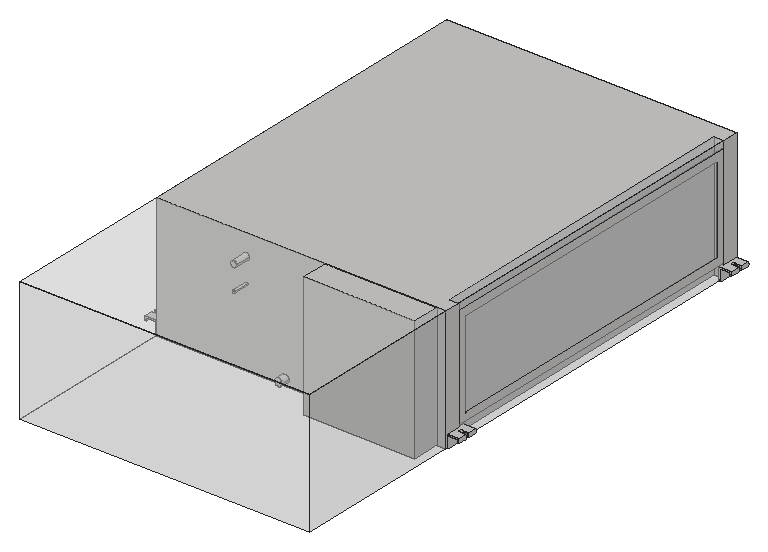
Revit family "outputfile", category 機械設備, Revit 2024
Family settings
  丸型コネクタ寸法 = 半径を使用
  パーツ タイプ = 標準
  OmniClass 番号 = 23.75.10.24.21.27.27
  OmniClass タイトル = Split System Air Conditioning Units
  作業面ベース = いいえ
  常に垂直 = はい
  ロード時にボイドで切り取り = いいえ
  注釈の向きを維持 = いいえ
  共有 = いいえ
  部屋計算ポイント = はい
Parameters (values of type "FXMQ250MFV7")
  Description = ""
  製造元 = "Daikin"
  書き出し IFC クラス(タイプ) = "IfcUnitaryEquipmentType"
  定義済み IFC タイプ(タイプ) = "AIRCONDITIONINGUNIT"
  Cost = 0
  モデル = "FXMQ250MFV7"
  Type Comments = ""
  Keynote = ""
  Type Image = (empty or 0)
  Assembly Code = ""
  w_dischargeflange = 1260.0 mm
  w_suctionflange = 1260.0 mm
  r_Liquid Pipe Size = Liquid Pipe Size / 2  # 4.75 mm
  r_Gas Pipe Size = Gas Pipe Size / 2  # 11.1 mm
  r_Drain Pipe Size = Drain Pipe Size / 2  # 13.8 mm
  lw_powersupply = 247.5 mm  # constant formula
  lw_mountinghole_pitch = 1148.0 mm  # constant formula
  lw_mountinghole = if(Depth = 744.0 mm, 29.5 mm, if(Depth = 1380.0 mm, 42.0 mm, 42.0 mm))  # 42.0 mm
  lw_liquidpipe = 760.0 mm  # constant formula
  lw_gaspipe = 760.0 mm  # constant formula
  lw_drainpipe = 613.0 mm  # constant formula
  lh_dischargeflange = 250.0 mm  # constant formula
  lh_powersupply = 20.0 mm  # constant formula
  lh_liquidpipe = 296.0 mm  # constant formula
  lh_gaspipe = 390.0 mm  # constant formula
  lh_drainpipe = 25.0 mm  # constant formula
  lh_suctionflange = 250.0 mm  # constant formula
  lh_antena = Height - lh_mountinghole + 1.0 mm  # 421.0 mm
  ld_dischargeflange = 690.0 mm
  ld_powersupply = 211.5 mm  # constant formula
  ld_mountinghole_pitch = if(Depth = 744.0 mm, 685.0 mm, if(Depth = 1380.0 mm, 1296.0 mm, 1296.0 mm))  # 1296.0 mm
  ld_suctionflange = 690.0 mm
  h_dischargeflange = 390.0 mm  # constant formula
  lh_mountinghole = 50.0 mm  # constant formula
  h_mountinghole = [h***] + lh_mountinghole  # 50.0 mm
  h_suctionflange = 390.0 mm  # constant formula
  h*** = 0.0 mm  # constant formula
  d_dischargeflange = 25.0 mm  # constant formula
  d_pipe = if(Depth = 744.0 mm, 61.0 mm, if(Depth = 1380.0 mm, 60.0 mm, 60.0 mm))  # 60.0 mm
  d_suctionflange = 25.0 mm  # constant formula
  Width = 1100.0 mm
  Voltage_comment_50Hz = "220-240"
  Voltage_50Hz = 230 V
  Version = "ver.1.0"
  Unit Type = "Outdoor Air Processing Unit"
  Unit Mass Weight = 123.00 kg
  Unit Designation [instance] = ""
  Uniclass2015Version = "Products v1.30"
  Uniclass2015Title = "Variable refrigerant flow units"
  Uniclass2015Code = "Pr_70_65_03_94"
  URL = ""
  Total Cooling Capacity [instance] = 0.000 kW
  Supply Air Direction [instance] = yes
  Sound Pressure Level_M speed (dBA) = 0
  Sound Pressure Level_L speed (dBA) = 0
  Sound Pressure Level_H speed (dBA) = 47
  Sound Power Level_H speed (dB) = 0
  Series = "VRV Fan Coil Unit"
  Sensible Cooling Capacity [instance] = 0.000 kW
  SA Duct Size Width = 1200.0 mm
  SA Duct Size Height = 330.0 mm
  Refrigerant Type = "R410A"
  Power Input (Cooling) = 0.638 kW
  Phase_50Hz = 1
  Option Accessory 3 [instance] = ""
  Option Accessory 2 [instance] = ""
  Option Accessory 1 [instance] = ""
  OA Duct Size Width = 1200.0 mm
  OA Duct Size Height = 330.0 mm
  Nominal Cooling Capacity = 28.000 kW
  Minimum External Static Pressure = 0.00 Pa
  Minimum Circuit Amps_50Hz = 3.8 A
  Minimum Airflow = 0.00 m³/h
  Median Airflow = 0.00 m³/h
  Maximum Fuse Amps_50Hz = 15.0 A
  Maximum External Static Pressure = 255.00 Pa
  Maximum Airflow = 2100.00 m³/h
  Material_Casing = DAIKIN_GalvanizedSteel_Casing_indoorunit
  Load Classification = HVAC
  Liquid Pipe Size = 9.5 mm
  Link_Nested Family [instance] = ""
  IfcVersion = "0"
  IfcExportType = "AIRCONDITIONINGUNIT"
  IfcExportAs = "IfcUnitaryEquipmentType"
  Height = 470.0 mm
  Heat Exchanger Type = "Cross Fin Coil"
  Gas Pipe Size = 22.2 mm
  Frequency_50Hz = 50 Hz
  Fan Type = "Sirocco Fan"
  Fan Drive = "Direct Drive"
  FCU Tag No. [instance] = ""
  Drain Pipe Size = 27.6 mm
  Design Supply Airflow [instance] = 0.00 m³/h
  Design Outdoor Airflow [instance] = 0.00 m³/h
  Design External Static Pressure [instance] = 0.00 Pa
  Depth = 1380.0 mm
  既定の高さ = 0.0 mm
  Cooling Entering Wet Bulb Temperature [instance] = 0.00 °C
  Cooling Entering Dry Bulb Temperature [instance] = 0.00 °C
  Cooling Ambient Wet Bulb Temperature [instance] = 0.00 °C
  Cooling Ambient Dry Bulb Temperature [instance] = 0.00 °C
  Clearance visibility [instance] = yes
  Clearance Top = 0.0 mm
  Clearance Right = 0.0 mm
  Clearance Rear = 0.0 mm
  Clearance Left = 0.0 mm
  Clearance Front = 650.0 mm
  Clearance Bottom = 0.0 mm
Reference planes
  plane 1 "Center (Front/Back)": y = 0
  plane 2: z = 0
  plane 3 "Center (Left/Right)": x = 0
  plane 4 "Back": y = 690
  plane 5 "Front": y = -690
  plane 6 "Left": x = -550
  plane 7 "Right": x = 550
  plane 8 "Top": z = 0
  plane 9 "Bottom": z = -470
  plane 10: y = 690
  plane 11: y = -1340
  plane 12: x = 550
  plane 13: x = -550
  plane 14: z = 0
  plane 15: z = -470
  plane 16: y = -792
  plane 17: y = -720
  plane 18: y = -750
  plane 19 "ld_drainpipe": x = -63
  plane 20 "ld_liquidpipe": x = -210
  plane 21 "ld_gaspipe": x = -210
  plane 22 "lh_gaspipe": z = -80
  plane 23 "lh_drainpipe": z = -445
  plane 24 "lh_liquidpipe": z = -174
  plane 25 "h_mountinghole": z = -420
  plane 26 "lh_powersuply": z = -450
  plane 27 "lh_suctionflange": z = -220
  plane 28 "ld_suctionflange": y = 0
  plane 29 "ld_dischargeflange": y = 0
  plane 30 "lh_dischargeflange": z = -220
  plane 31 "control box1": x = 514
  plane 32 "control box2": x = 91
  plane 33: y = -741
  plane 34 "lw_powersupply": x = 302.5
  plane 35: y = 648
  plane 36: y = -648
  plane 37: x = -574
  plane 38: x = 574
  plane 39 "w_suctionflange1": y = 630
  plane 40 "w_suctionflange2": y = -630
Forms (mm)
  Extrusion 1, solid, material "DAIKIN_GalvanizedSteel_Casing_indoorunit" <- "Material_Casing"
    sketch origin (0, 0, 0) x (1, 0, 0) y (0, 0, 1)
      loop
        line (-550, 0) -> (-550, -470) -> (550, -470) -> (550, 0) -> (-550, 0)
    from -690 to 690
  Extrusion 2, solid, material "DAIKIN_GalvanizedSteel_Casing_indoorunit" <- "Material_Casing"
    sketch origin (0, 0, 0) x (1, 0, 0) y (0, 0, 1)
      loop
        line (91, -470) -> (514, -470) -> (514, 0) -> (91, 0) -> (91, -470)
    from 690 to 792
  Extrusion 3, solid, material "DAIKIN_GalvanizedSteel_Casing_indoorunit" <- "Material_Casing"
    sketch origin (0, 0, 0) x (1, 0, 0) y (0, 0, 1)
      loop
        circle (-210, -174) r 4.75
      loop
        circle (-210, -80) r 11.1
    from 690 to 750
  Extrusion 4, solid, material "DAIKIN_GalvanizedSteel_Casing_indoorunit" <- "Material_Casing"
    sketch origin (63, 0, 0) x (1, 0, 0) y (0, 0, 1)
      loop
        circle (-126, -445) r 13.8
    from 690 to 720
  Extrusion 5, void
    sketch origin (0, 0, 0) x (0, 1, 0) y (0, 0, 1)
      loop
        line (-630, 545) -> (-630, -985) -> (630, -985) -> (630, 545) -> (-630, 545)
    from 514 to 550
Cuts and joins
  Extrusion 5 cuts Extrusion 1
Dimensions and locks
  "Height": plane 8 "Top" to plane 9 "Bottom"
  equal spacing: plane 6 "Left", plane 3 "Center (Left/Right)", plane 7 "Right"
  "Width": plane 6 "Left" to plane 7 "Right"
  equal spacing: plane 4 "Back", plane 1 "Center (Front/Back)", plane 5 "Front"
  "Depth": plane 4 "Back" to plane 5 "Front"
  "Clearance Left": plane 13 to plane 6 "Left"
  "Clearance Right": plane 7 "Right" to plane 12
  "Clearance Rear": plane 10 to plane 4 "Back"
  "Clearance Front": plane 5 "Front" to plane 11
  "Clearance Top": plane 14 to plane 8 "Top"
  "Clearance Bottom": plane 9 "Bottom" to plane 15
  locked: plane 5 "Front" to plane 16 at 102
  "d_pipe": plane 5 "Front" to plane 18
  "lw_drainpipe": plane 19 "ld_drainpipe" to plane 7 "Right"
  "lw_liquidpipe": plane 20 "ld_liquidpipe" to plane 7 "Right"
  "lw_gaspipe": plane 21 "ld_gaspipe" to plane 7 "Right"
  "lh_gaspipe": plane 22 "lh_gaspipe" to plane 9 "Bottom"
  "lh_liquidpipe": plane 24 "lh_liquidpipe" to plane 9 "Bottom"
  "lh_drainpipe": plane 23 "lh_drainpipe" to plane 9 "Bottom"
  "lh_mountinghole": plane 25 "h_mountinghole" to plane 9 "Bottom"
  "lh_powersupply": plane 26 "lh_powersuply" to plane 9 "Bottom"
  "lh_suctionflange": plane 27 "lh_suctionflange" to plane 9 "Bottom"
  "ld_suctionflange": plane 28 "ld_suctionflange" to plane 5 "Front"
  "ld_dischargeflange": plane 4 "Back" to plane 29 "ld_dischargeflange"
  "lh_dischargeflange": plane 30 "lh_dischargeflange" to plane 9 "Bottom"
  locked: plane 5 "Front" to plane 17 at 30
  locked: plane 32 "control box2" to plane 31 "control box1" at 423
  locked: plane 31 "control box1" to plane 7 "Right" at 36
  "lw_powersupply": plane 34 "lw_powersupply" to plane 7 "Right"
  equal spacing: plane 37, plane 3 "Center (Left/Right)", plane 38
  "lw_mountinghole_pitch": plane 37 to plane 38
  "lw_mountinghole": plane 36 to plane 5 "Front"
  "ld_mountinghole_pitch": plane 35 to plane 36
  equal spacing: plane 5 "Front", plane 33, plane 16, locked at 51 each
  equal spacing: plane 39 "w_suctionflange1", plane 29 "ld_dischargeflange", plane 40 "w_suctionflange2"
  "w_suctionflange": plane 39 "w_suctionflange1" to plane 40 "w_suctionflange2"
  "r_Liquid Pipe Size": radius of Extrusion 3 sketch curve
  "r_Gas Pipe Size": radius of Extrusion 3 sketch curve
  "r_Drain Pipe Size": radius of Extrusion 4 sketch curve
  aligned and locked: level to plane 2
  aligned and locked: Extrusion 1 sketch curve to plane 8 "Top"
  aligned and locked: Extrusion 1 sketch curve to plane 6 "Left"
  aligned and locked: plane 9 "Bottom" to Extrusion 1 sketch curve
  aligned and locked: Extrusion 1 sketch curve to plane 7 "Right"
  aligned and locked: plane 4 "Back" to Extrusion 1
  aligned and locked: Extrusion 1 to plane 5 "Front"
  aligned and locked: plane 10 to nested 1
  aligned and locked: plane 11 to nested 1
  aligned and locked: plane 12 to nested 1
  aligned and locked: nested 1 to plane 13
  aligned and locked: plane 15 to nested 1
  aligned and locked: plane 14 to nested 1
  aligned and locked: Extrusion 2 to plane 16
  aligned and locked: plane 5 "Front" to Extrusion 2
  aligned and locked: plane 24 "lh_liquidpipe" to Extrusion 3 sketch curve
  aligned and locked: plane 20 "ld_liquidpipe" to Extrusion 3 sketch curve
  aligned and locked: plane 21 "ld_gaspipe" to Extrusion 3 sketch curve
  aligned and locked: plane 22 "lh_gaspipe" to Extrusion 3 sketch curve
  aligned and locked: Extrusion 3 to plane 18
  aligned and locked: plane 5 "Front" to Extrusion 3
  aligned and locked: nested 2 to plane 5 "Front"
  aligned and locked: nested 2 to plane 19 "ld_drainpipe"
  aligned and locked: plane 23 "lh_drainpipe" to nested 2
  aligned and locked: nested 3 to plane 5 "Front"
  aligned and locked: nested 4 to plane 5 "Front"
  aligned and locked: plane 24 "lh_liquidpipe" to nested 3
  aligned and locked: plane 22 "lh_gaspipe" to nested 4
  aligned and locked: plane 25 "h_mountinghole" to nested 5
  aligned and locked: plane 25 "h_mountinghole" to nested 6
  aligned and locked: nested 7 to plane 25 "h_mountinghole"
  aligned and locked: nested 8 to plane 25 "h_mountinghole"
  aligned and locked: nested 13 to plane 26 "lh_powersuply"
  aligned and locked: plane 1 "Center (Front/Back)" to nested 14
  aligned and locked: nested 14 to plane 3 "Center (Left/Right)"
  aligned and locked: nested 15 to plane 29 "ld_dischargeflange"
  aligned and locked: nested 15 to plane 6 "Left"
  aligned and locked: plane 30 "lh_dischargeflange" to nested 15
  aligned and locked: nested 16 to plane 6 "Left"
  aligned and locked: nested 16 to plane 29 "ld_dischargeflange"
  aligned and locked: plane 28 "ld_suctionflange" to nested 17
  aligned and locked: nested 17 to plane 27 "lh_suctionflange"
  aligned and locked: nested 16 to plane 30 "lh_dischargeflange"
  aligned and locked: nested 3 to plane 20 "ld_liquidpipe"
  aligned and locked: nested 4 to plane 21 "ld_gaspipe"
  aligned and locked: Extrusion 2 sketch curve to plane 31 "control box1"
  aligned and locked: Extrusion 2 sketch curve to plane 32 "control box2"
  aligned and locked: Extrusion 2 sketch curve to plane 14
  aligned and locked: Extrusion 2 sketch curve to plane 15
  aligned and locked: plane 19 "ld_drainpipe" to Extrusion 4 sketch curve
  aligned and locked: plane 23 "lh_drainpipe" to Extrusion 4 sketch curve
  aligned and locked: Extrusion 4 to plane 17
  aligned and locked: nested 13 to plane 34 "lw_powersupply"
  aligned and locked: plane 33 to nested 13
  aligned and locked: nested 5 to plane 35
  aligned and locked: plane 35 to nested 7
  aligned and locked: nested 6 to plane 36
  aligned and locked: plane 36 to nested 8
  aligned and locked: nested 18 to plane 1 "Center (Front/Back)"
  aligned and locked: plane 27 "lh_suctionflange" to nested 18
  aligned and locked: Extrusion 5 sketch curve to plane 39 "w_suctionflange1"
  aligned and locked: Extrusion 5 sketch curve to plane 40 "w_suctionflange2"
  aligned and locked: plane 7 "Right" to Extrusion 5
  aligned and locked: plane 7 "Right" to nested 18
  aligned and locked: plane 3 "Center (Left/Right)" to nested 17
  aligned and locked: nested 11 to plane 37
  aligned and locked: nested 12 to plane 38
  aligned and locked: nested 10 to plane 37
  aligned and locked: nested 9 to plane 38
  aligned and locked: nested 5 to plane 6 "Left"
  aligned and locked: nested 7 to plane 7 "Right"
  aligned and locked: nested 8 to plane 7 "Right"
  aligned and locked: nested 9 to plane 36
  aligned and locked: nested 10 to plane 36
  aligned and locked: nested 12 to plane 35
  aligned and locked: nested 11 to plane 35
  aligned and locked: Extrusion 5 to Extrusion 2
  aligned and locked: plane 5 "Front" to Extrusion 4
Automatic sketch dimensions
  level to Extrusion 5 sketch curve = 545.0 mm
  Extrusion 5 sketch curve to plane 9 "Bottom" = 515.0 mm
Nested families
  nested 1: "daikin_clearancespace" at (0, -325, -234.881), visible <- "Clearance visibility", show <- "Clearance visibility", Link_Nested Family <- "Link_Nested Family", type "daikin_clearancespace"
    with width 1100.0 mm, show yes, height 470.0 mm, depth 2030.0 mm, Link_Nested Family ""
  nested 2: "daikin_connector_rotate2" at (-63, -690, -445), radius <- "r_Drain Pipe Size", type "daikin_connector_rotate2"
    with radius 13.8 mm, length 30.0 mm, angle_vertical 90.00°, show_face no
  nested 3: "daikin_connector_rotate2" at (-210, -690, -174), length <- "d_pipe", radius <- "r_Liquid Pipe Size", type "daikin_connector_rotate2"
    with radius 4.75 mm, length 60.0 mm, angle_vertical 90.00°, show_face no
  nested 4: "daikin_connector_rotate2" at (-210, -690, -80), length <- "d_pipe", radius <- "r_Gas Pipe Size", type "daikin_connector_rotate2"
    with radius 11.1 mm, length 60.0 mm, angle_vertical 90.00°, show_face no
  nested 5: "daikin_hangerfixture_FXMQ-MFV7" at (-550, 648, -420) x (0, -1, 0) z (0, 0, 1), type "daikin_hangerfixture_FXMQ-MFV7"
    with width 80.0 mm, D 1380.0 mm
  nested 6: "daikin_hangerfixture_FXMQ-MFV7" at (-550, -648, -420) x (0, -1, 0) z (0, 0, 1), type "daikin_hangerfixture_FXMQ-MFV7"
    with width 80.0 mm, D 1380.0 mm
  nested 7: "daikin_hangerfixture_FXMQ-MFV7" at (550, 648, -420) x (0, -1, 0) z (0, 0, 1), type "daikin_hangerfixture_FXMQ-MFV7"
    with width 80.0 mm, D 1380.0 mm
  nested 8: "daikin_hangerfixture_FXMQ-MFV7" at (550, -648, -420) x (0, -1, 0) z (0, 0, 1), type "daikin_hangerfixture_FXMQ-MFV7"
    with width 80.0 mm, D 1380.0 mm
  nested 9: "daikin_mountinghole" at (574, -648, -470), Link_Nested Family <- "Link_Nested Family", l_antenna <- "lh_antena", h_mountinghole <- "h_mountinghole", type "daikin_mountinghole"
    with show yes, l_antenna 421.0 mm, h_mountinghole 50.0 mm, Link_Nested Family ""
  nested 10: "daikin_mountinghole" at (-574, -648, -470), Link_Nested Family <- "Link_Nested Family", l_antenna <- "lh_antena", h_mountinghole <- "h_mountinghole", type "daikin_mountinghole"
    with show yes, l_antenna 421.0 mm, h_mountinghole 50.0 mm, Link_Nested Family ""
  nested 11: "daikin_mountinghole" at (-574, 648, -470), Link_Nested Family <- "Link_Nested Family", l_antenna <- "lh_antena", h_mountinghole <- "h_mountinghole", type "daikin_mountinghole"
    with show yes, l_antenna 421.0 mm, h_mountinghole 50.0 mm, Link_Nested Family ""
  nested 12: "daikin_mountinghole" at (574, 648, -470), Link_Nested Family <- "Link_Nested Family", l_antenna <- "lh_antena", h_mountinghole <- "h_mountinghole", type "daikin_mountinghole"
    with show yes, l_antenna 421.0 mm, h_mountinghole 50.0 mm, Link_Nested Family ""
  nested 13: "daikin_connector_rotate2" at (302.5, -741, -450) x (0, 1, 0) z (0, 0, 1), length <- "ld_powersupply", type "daikin_connector_rotate2"
    with radius 10.0 mm, length 211.5 mm, angle_vertical 90.00°, show_face no
  nested 14: "daikin_△_symbolicline" at (0, 0, 470) x (0, -1, 0) z (0, 0, 1), visible <- "Supply Air Direction", built-in parameter 1001364 <- "Height", type "daikin_△_symbolicline"
    with length 300.0 mm
  nested 15: "daikin_ductflange_FXMQ-MFV7_1" at (-550, 0, -415) x (0, -1, 0) z (0, 0, 1), material <- "Material_Casing", depth <- "d_dischargeflange", height <- "h_dischargeflange", width <- "w_dischargeflange", type "daikin_ductflange_FXMQ-MFV7_1"
    with width 1260.0 mm, top1 30.0 mm, right1 30.0 mm, material DAIKIN_GalvanizedSteel_Casing_indoorunit, left1 30.0 mm, height 390.0 mm, depth 25.0 mm, Bottom1 30.0 mm
  nested 16: "daikin_connector_rotate2" at (-550, 0, -220) x (0, -1, 0) z (0, 0, 1), length <- "d_dischargeflange", type "daikin_connector_rotate2"
    with radius 10.0 mm, length 25.0 mm, angle_vertical 90.00°, show_face no
  nested 17: "daikin_connector_rotate2" at (0, 0, -220) x (0, 1, 0) z (0, 0, 1), type "daikin_connector_rotate2"
    with radius 10.0 mm, length 550.0 mm, angle_vertical 90.00°, show_face no
  nested 18: "daikin_ductflange_FXMQ-MFV7_2" at (549, 0, -415) x (0, 1, 0) z (0, 0, 1), width <- "w_suctionflange", height <- "h_suctionflange", type "daikin_ductflange_FXMQ-MFV7_2"
    with width 1260.0 mm, height 390.0 mm, depth 1.0 mm
Connectors
  piping at (-210, -750, -174), diameter 9.5, driven by "r_Liquid Pipe Size"
    settings: on nested 3, index 2, connector inside diameter 609.6 mm, connector length 0.0 mm, flow factor 0, pipe flow 0.00 m³/h, pressure drop 0.0 Pa, fitting loss kfactor 0, connector angle 0.00°, fixture units 0, engagement length 0.0 mm, angle of deflection 0.00°, flow configuration 1, flow direction 1, fitting loss method 0, system type 29, joint type 0, gender type 0, connector reference index -1, connector utility 0, adjustable connector no, is connector primary yes, connector description "Refrigerant Liquid Piping"
  piping at (-210, -750, -80), diameter 22.2, driven by "r_Gas Pipe Size"
    settings: on nested 4, index 3, connector inside diameter 609.6 mm, connector length 0.0 mm, flow factor 0, pipe flow 0.00 m³/h, pressure drop 0.0 Pa, fitting loss kfactor 0, connector angle 0.00°, fixture units 0, engagement length 0.0 mm, angle of deflection 0.00°, flow configuration 1, flow direction 2, fitting loss method 0, system type 29, joint type 0, gender type 0, connector reference index -1, connector utility 0, adjustable connector no, is connector primary no, connector description "Refrigerant Gas Piping"
  electrical at (514, -741, -450), driven by "Load Classification"
    settings: on nested 13, index 4, voltage 0 V, apparent load 0 VA, apparent load phase1 0 VA, apparent load phase2 0 VA, apparent load phase3 0 VA, power factor 1, load classification "HVAC", number of poles 1, system type 30, power factor state 1, is connector primary yes, connector utility no, sub classification motor no, connector description "Power Supply"
  hvac at (-575, 0, -220), driven by "SA Duct Size Height", driven by "SA Duct Size Width"
    settings: on nested 15, index 6, duct flow 0.00 m³/h, flow factor 0, pres drop 0.00 Pa, loss coef 0, conn angle 0.00°, conn width 1200.0 mm, conn height 330.0 mm, conn diameter 609.6 mm, duct sys type 1, conn prof type 1, flow config 0, flow direction 2, loss method 4, conn ref index -1, conn util no, is conn primary yes, conn desc "SA Duct"
  piping at (-63, -720, -445), diameter 27.6, driven by "r_Drain Pipe Size"
    settings: on Extrusion 4, index 7, connector inside diameter 609.6 mm, connector length 0.0 mm, flow factor 0, pipe flow 0.00 m³/h, pressure drop 0.0 Pa, fitting loss kfactor 0, connector angle 0.00°, fixture units 0, engagement length 0.0 mm, angle of deflection 0.00°, flow configuration 1, flow direction 2, fitting loss method 4, system type 16, joint type 0, gender type 0, connector reference index -1, connector utility 0, adjustable connector no, is connector primary no, connector description "Condensate Drain Piping"
  hvac at (550, 0, -220), driven by "OA Duct Size Height", driven by "OA Duct Size Width"
    settings: on nested 18, index 8, duct flow 0.00 m³/h, flow factor 0, pres drop 0.00 Pa, loss coef 0, conn angle 0.00°, conn width 1200.0 mm, conn height 330.0 mm, conn diameter 609.6 mm, duct sys type 1, conn prof type 1, flow config 0, flow direction 1, loss method 4, conn ref index -1, conn util no, is conn primary no, conn desc "OA Duct"
Definition of nested family "daikin_clearancespace"
  Parameters (values of type "daikin_clearancespace")
    width [instance] = 1823.963 mm
    show [instance] = yes
    material = none
    height [instance] = 1359.762 mm
    depth [instance] = 880.0 mm
    Default Elevation = 0.0 mm
    Link_Nested Family [instance] = ""
  Reference planes
    plane 1 "Center (Front/Back)": y = 0
    plane 2 "Center (Elevation)": z = -0.119
    plane 3 "Center (Left/Right)": x = 0
    plane 4: y = 440
    plane 5: y = -440
    plane 6 "Right": x = 911.982
    plane 7 "Left": x = -911.982
    plane 8 "Top": z = 679.762
    plane 9 "Bottom": z = -680
  Forms (mm)
    Extrusion 1, solid, material <- "material", visible <- "show"
      sketch origin (0, 0, 0) x (1, 0, 0) y (0, 1, 0)
        loop
          line (-911.982, 440) -> (-911.982, -440) -> (911.982, -440) -> (911.982, 440) -> (-911.982, 440)
      from -680 to 679.762
  Lines and regions (mm)
    symbolic lines, visible <- "show"
      curve 1: line (911.982, 440, 0) -> (-911.982, 440, 0)
      curve 2: line (-911.982, 440, 0) -> (-911.982, -440, 0)
      curve 3: line (-911.982, -440, 0) -> (911.982, -440, 0)
      curve 4: line (911.982, -440, 0) -> (911.982, 440, 0)
      curve 5: line (911.982, 0, 679.762) -> (-911.982, 0, 679.762)
      curve 6: line (911.982, 0, -680) -> (911.982, 0, 679.762)
      curve 7: line (-911.982, 0, -680) -> (911.982, 0, -680)
      curve 8: line (-911.982, 0, 679.762) -> (-911.982, 0, -680)
      curve 9: line (0, 440, 679.762) -> (0, -440, 679.762)
      curve 10: line (0, -440, 679.762) -> (0, -440, -680)
      curve 11: line (0, 440, -680) -> (0, 440, 679.762)
      curve 12: line (0, -440, -680) -> (0, 440, -680)
  Dimensions and locks
    "width": plane 7 "Left" to plane 6 "Right"
    "depth": plane 4 to plane 5
    "height": plane 8 "Top" to plane 9 "Bottom"
    equal spacing: plane 7 "Left", plane 3 "Center (Left/Right)", plane 6 "Right"
    equal spacing: plane 4, plane 1 "Center (Front/Back)", plane 5
    equal spacing: plane 8 "Top", plane 2 "Center (Elevation)", plane 9 "Bottom"
    aligned and locked: level to plane 2 "Center (Elevation)"
    aligned and locked: Extrusion 1 sketch curve to plane 4
    aligned and locked: plane 7 "Left" to Extrusion 1 sketch curve
    aligned and locked: Extrusion 1 sketch curve to plane 5
    aligned and locked: Extrusion 1 sketch curve to plane 6 "Right"
    aligned and locked: plane 8 "Top" to Extrusion 1
    aligned and locked: curve 1 to Extrusion 1
    aligned and locked: curve 2 to Extrusion 1
    aligned and locked: curve 3 to Extrusion 1
    aligned and locked: curve 4 to Extrusion 1
    aligned and locked: curve 5 to Extrusion 1
    aligned and locked: curve 6 to Extrusion 1
    aligned and locked: curve 7 to Extrusion 1
    aligned and locked: curve 8 to Extrusion 1
    aligned and locked: curve 9 to Extrusion 1
    aligned and locked: curve 10 to Extrusion 1
    aligned and locked: curve 11 to Extrusion 1
    aligned and locked: curve 12 to Extrusion 1
    aligned and locked: Extrusion 1 to plane 9 "Bottom"
Definition of nested family "daikin_hangerfixture_FXMQ-MFV7"
  Parameters (values of type "daikin_hangerfixture_CeilingMountedDuct")
    width = if(D = 744.0 mm, 55.0 mm, if(D = 1380.0 mm, 80.0 mm, 80.0 mm))  # 55.0 mm
    material = none
    height = 50.0 mm
    depth = 47.0 mm
    Default Elevation = 0.0 mm
    D = 744.0 mm
  Reference planes
    plane 1 "Center (Front/Back)": y = 0
    plane 2: z = 0
    plane 3 "Center (Left/Right)": x = 0
    plane 4: y = 417.146
    plane 5: y = -47
    plane 6: x = -27.5
    plane 7: x = 27.5
    plane 8: z = -5
    plane 9: z = -50
    plane 10: y = -5
    plane 11: y = -42
    plane 12: y = -24
    plane 13: z = -15
  Forms (mm)
    Extrusion 1, solid, material <- "material"
      sketch origin (0, 0, 0) x (1, 0, 0) y (0, 1, 0)
        loop
          line (27.5, 0) -> (-27.5, 0) -> (-27.5, -47) -> (-7, -47) -> (-7, -24)
          arc (-7, -24) -> (0, -17) -> (7, -24) r 7
          line (7, -24) -> (7, -47) -> (27.5, -47) -> (27.5, 0)
      from 0 to -5
    Extrusion 2, solid, material <- "material"
      sketch origin (0, 0, 0) x (1, 0, 0) y (0, 0, 1)
        loop
          line (27.5, -40) -> (27.5, 0) -> (-27.5, 0) -> (-27.5, -40)
          arc (-27.5, -40) -> (-24.571, -47.071) -> (-17.5, -50) r 10
          line (-17.5, -50) -> (17.5, -50)
          arc (17.5, -50) -> (24.571, -47.071) -> (27.5, -40) r 10
      from 0 to 5
    Extrusion 3, solid, material <- "material"
      sketch origin (0, 0, 0) x (1, 0, 0) y (0, 0, 1)
        loop
          line (-7, -12) -> (-7, 0) -> (-27.5, 0) -> (-27.5, -12)
          arc (-27.5, -12) -> (-26.621, -14.121) -> (-24.5, -15) r 3
          line (-24.5, -15) -> (-10, -15)
          arc (-10, -15) -> (-7.879, -14.121) -> (-7, -12) r 3
        loop
          line (7, 0) -> (7, -12)
          arc (7, -12) -> (7.879, -14.121) -> (10, -15) r 3
          line (10, -15) -> (24.5, -15)
          arc (24.5, -15) -> (26.621, -14.121) -> (27.5, -12) r 3
          line (27.5, -12) -> (27.5, 0) -> (7, 0)
      from 42 to 47
  Cuts and joins
    joined: Extrusion 1, Extrusion 2, Extrusion 3
  Dimensions and locks
    "width": plane 6 to plane 7
    "depth": plane 5 to plane 1 "Center (Front/Back)"
    locked: plane 2 to plane 8 at 5
    "height": plane 2 to plane 9
    locked: plane 10 to plane 1 "Center (Front/Back)" at 5
    locked: plane 11 to plane 5 at 5
    locked: plane 2 to plane 13 at 15
    equal spacing: plane 6, plane 3 "Center (Left/Right)", plane 7
    plane 12 to plane 1 "Center (Front/Back)" = 24.0 mm
    aligned and locked: level to plane 2
    aligned and locked: Extrusion 1 sketch curve to plane 1 "Center (Front/Back)"
    aligned and locked: plane 7 to Extrusion 1
    aligned and locked: Extrusion 1 to plane 6
    aligned and locked: Extrusion 1 to plane 5  (x2)
    aligned and locked: Extrusion 1 to plane 8
    aligned and locked: plane 2 to Extrusion 1
    aligned and locked: plane 2 to Extrusion 2 sketch curve
    aligned and locked: Extrusion 2 to plane 10
    aligned and locked: Extrusion 2 to plane 1 "Center (Front/Back)"
    aligned and locked: plane 2 to Extrusion 3 sketch curve  (x2)
    aligned and locked: plane 11 to Extrusion 3
    aligned and locked: Extrusion 3 to plane 5
    aligned and locked: plane 9 to Extrusion 2 sketch curve
    aligned and locked: cut or joined group of Extrusion 1, Extrusion 2, Extrusion 3 to plane 13  (x2)
    aligned and locked: plane 3 "Center (Left/Right)" to Extrusion 1 sketch curve
    aligned and locked: cut or joined group of Extrusion 1, Extrusion 2, Extrusion 3 to cut or joined group of Extrusion 1, Extrusion 2, Extrusion 3  (x2)
  Automatic sketch dimensions
    Extrusion 1 sketch curve to plane 6 = 0.0 mm
    Extrusion 1 sketch curve to plane 5 = 0.0 mm  (x2)
    Extrusion 1 sketch curve to plane 7 = 0.0 mm
    Extrusion 1 sketch curve to plane 3 "Center (Left/Right)" = 7.0 mm
    Extrusion 2 sketch curve to plane 7 = 0.0 mm
    Extrusion 2 sketch curve to plane 7 = 10.0 mm
    plane 6 to Extrusion 2 sketch curve = 10.0 mm
    Extrusion 2 sketch curve to plane 6 = 0.0 mm
    Extrusion 3 sketch curve to plane 6 = 0.0 mm
    Extrusion 3 sketch curve to plane 7 = 0.0 mm
    Extrusion 3 sketch curve to Extrusion 3 sketch curve = 3.0 mm  (x3)
    Extrusion 3 sketch curve to plane 8 = 7.0 mm
    Extrusion 3 sketch curve to plane 3 "Center (Left/Right)" = 7.0 mm
    plane 3 "Center (Left/Right)" to Extrusion 3 sketch curve = 7.0 mm
    Extrusion 3 sketch curve to plane 7 = 3.0 mm
    Extrusion 3 sketch curve to plane 8 = 10.0 mm
    Extrusion 1 sketch curve to plane 12 = 0.0 mm
Definition of nested family "daikin_ductflange_FXMQ-MFV7_1"
  Parameters (values of type "daikin_ductflange_FXMQ-MFV1")
    width [instance] = 670.0 mm
    right1 [instance] = 22.5 mm
    left1 [instance] = 22.5 mm
    Bottom1 [instance] = 25.0 mm
    material [instance] = none
    height [instance] = 272.0 mm
    depth [instance] = 25.0 mm
    top1 [instance] = 25.0 mm
    Default Elevation = 0.0 mm
  Reference planes
    plane 1 "Center (Front/Back)": y = 0
    plane 2: z = 0
    plane 3 "Center (Left/Right)": x = 0
    plane 4: y = -25
    plane 5: x = -335
    plane 6: x = 335
    plane 7 "Top": z = 272
    plane 8: y = -1
    plane 9: x = -312.5
    plane 10: x = 312.5
    plane 11: z = 247
    plane 12: z = 25
    plane 13 "Center (Elevation)": z = 136
  Forms (mm)
    Extrusion 1, solid, material <- "material"
      sketch origin (0, 0, 0) x (1, 0, 0) y (0, 0, 1)
        loop
          line (-335, 272) -> (-335, 0) -> (335, 0) -> (335, 272) -> (-335, 272)
        loop
          line (-312.5, 247) -> (-312.5, 25) -> (312.5, 25) -> (312.5, 247) -> (-312.5, 247)
      from 0 to 1
    Extrusion 2, solid, material <- "material"
      sketch origin (0, 0, 0) x (1, 0, 0) y (0, 1, 0)
        loop
          line (-312.5, -1) -> (-317.5, -1) -> (-317.5, -25) -> (-312.5, -25) -> (-312.5, -1)
        loop
          line (312.5, -1) -> (312.5, -25) -> (317.5, -25) -> (317.5, -1) -> (312.5, -1)
      from 0 to 272
    Extrusion 3, solid, material <- "material"
      sketch origin (0, 0, 0) x (0, 1, 0) y (0, 0, 1)
        loop
          line (-1, 247) -> (-1, 252) -> (-25, 252) -> (-25, 247) -> (-1, 247)
        loop
          line (-1, 25) -> (-25, 25) -> (-25, 20) -> (-1, 20) -> (-1, 25)
      from -312.5 to 312.5
  Cuts and joins
    joined: Extrusion 1, Extrusion 2, Extrusion 3
  Dimensions and locks
    "height": plane 7 "Top" to plane 2
    "width": plane 5 to plane 6
    equal spacing: plane 5, plane 3 "Center (Left/Right)", plane 6
    "depth": plane 1 "Center (Front/Back)" to plane 4
    locked: plane 8 to plane 1 "Center (Front/Back)" at 1
    "left1": plane 5 to plane 9
    "right1": plane 10 to plane 6
    locked: Extrusion 2 sketch curve to Extrusion 2 sketch curve at 5  (x2)
    "top1": plane 7 "Top" to plane 11
    "Bottom1": plane 12 to plane 2
    equal spacing: plane 7 "Top", plane 13 "Center (Elevation)", plane 2
    locked: Extrusion 3 sketch curve to cut or joined group of Extrusion 1, Extrusion 2, Extrusion 3 at 5
    locked: Extrusion 3 sketch curve to Extrusion 3 sketch curve at 5
    aligned and locked: level to plane 2
    aligned and locked: Extrusion 1 sketch curve to plane 7 "Top"
    aligned and locked: plane 5 to Extrusion 1 sketch curve
    aligned and locked: Extrusion 1 sketch curve to plane 6
    aligned and locked: plane 2 to Extrusion 1 sketch curve
    aligned and locked: Extrusion 1 to plane 8
    aligned and locked: Extrusion 2 sketch curve to plane 8
    aligned and locked: Extrusion 2 sketch curve to plane 9
    aligned and locked: plane 8 to Extrusion 2 sketch curve
    aligned and locked: Extrusion 2 sketch curve to plane 10
    aligned and locked: plane 8 to Extrusion 3 sketch curve
    aligned and locked: Extrusion 3 sketch curve to plane 8
    aligned and locked: plane 4 to Extrusion 2 sketch curve
    aligned and locked: Extrusion 2 sketch curve to plane 4
    aligned and locked: plane 4 to Extrusion 3 sketch curve
    aligned and locked: Extrusion 3 sketch curve to plane 4
    aligned and locked: plane 9 to Extrusion 1 sketch curve
    aligned and locked: Extrusion 1 sketch curve to plane 10
    aligned and locked: plane 12 to Extrusion 1 sketch curve
    aligned and locked: Extrusion 1 sketch curve to plane 11
    aligned and locked: plane 10 to cut or joined group of Extrusion 1, Extrusion 2, Extrusion 3
    aligned and locked: cut or joined group of Extrusion 1, Extrusion 2, Extrusion 3 to plane 9
    aligned and locked: plane 7 "Top" to cut or joined group of Extrusion 1, Extrusion 2, Extrusion 3
    aligned and locked: cut or joined group of Extrusion 1, Extrusion 2, Extrusion 3 to plane 2
  Automatic sketch dimensions
    Extrusion 3 sketch curve to plane 11 = 0.0 mm
    Extrusion 3 sketch curve to plane 12 = 0.0 mm
Definition of nested family "daikin_ductflange_FXMQ-MFV7_2"
  Parameters (values of type "daikin_ductflange_FXDSQ-AVM2")
    width [instance] = 624.0 mm
    material = none
    height [instance] = 390.0 mm
    depth [instance] = 1.0 mm
    Default Elevation = 0.0 mm
  Reference planes
    plane 1 "Center (Front/Back)": y = 0
    plane 2: z = 0
    plane 3 "Center (Left/Right)": x = 0
    plane 4: x = -312
    plane 5: x = 312
    plane 6 "Top": z = 390
    plane 7: y = -1
    plane 8: z = 360
    plane 9: z = 30
    plane 10 "Center (Elevation)": z = 195
    plane 11: x = -282
    plane 12: x = 282
  Forms (mm)
    Extrusion 1, solid, material <- "material"
      sketch origin (0, 0, 0) x (1, 0, 0) y (0, 0, 1)
        loop
          line (-312, 390) -> (-312, 0) -> (312, 0) -> (312, 390) -> (-312, 390)
        loop
          line (-282, 360) -> (-282, 30) -> (282, 30) -> (282, 360) -> (-282, 360)
      from 0 to 1
  Dimensions and locks
    "height": plane 6 "Top" to plane 2
    "width": plane 4 to plane 5
    equal spacing: plane 4, plane 3 "Center (Left/Right)", plane 5
    Extrusion 1 sketch curve to Extrusion 1 sketch curve = 30.0 mm  (x4)
    "depth": plane 7 to plane 1 "Center (Front/Back)"
    locked: plane 6 "Top" to plane 8 at 30
    locked: plane 9 to plane 2 at 30
    equal spacing: plane 6 "Top", plane 10 "Center (Elevation)", plane 2
    locked: plane 11 to plane 4 at 30
    plane 5 to plane 12 = 30.0 mm
    aligned and locked: level to plane 2
    aligned and locked: Extrusion 1 sketch curve to plane 6 "Top"
    aligned and locked: plane 4 to Extrusion 1 sketch curve
    aligned and locked: Extrusion 1 sketch curve to plane 5
    aligned and locked: plane 2 to Extrusion 1 sketch curve
    aligned and locked: plane 11 to Extrusion 1  (x2)
    aligned and locked: Extrusion 1 to plane 12  (x2)
    aligned and locked: Extrusion 1 to plane 8
    aligned and locked: plane 9 to Extrusion 1
Definition of nested family "daikin_connector_rotate2"
  Parameters (values of type "daikin_connector_rotate2")
    show_face = yes
    radius [instance] = 10.0 mm
    length [instance] = 600.0 mm
    d_surface = 10.0 mm
    angle_vertical [instance] = 90.00°
    Default Elevation = 0.0 mm
  Reference planes
    plane 1 "Center (Front/Back)": y = 0
    plane 2: z = 0
    plane 3 "Center (Left/Right)": x = 0
  Forms (mm)
    Extrusion 1, solid, visible <- "show_face"
      sketch origin (0, -600, 0) x (1, 0, 0) y (0, 0, 1)
        loop
          circle (0, 0) r 10
      from 0 to -10
  Lines and regions (mm)
    reference lines
      curve 1: line (0, 0, 0) -> (0, -600, 0)
    symbolic lines
      curve 2: circle (0, 0, 0) r 5 normal (0, 0, 1)
    model lines, visible <- "show_face"
      curve 3: line (0, 0, 0) -> (0, -600, 0)
  Dimensions and locks
    "length": curve 1 to curve 1
    "length": curve 3 to curve 3
    "d_surface": Extrusion 1 to Extrusion 1
    "radius": radius of Extrusion 1 sketch curve
    "angle_vertical": angle curve 1 to plane 1 "Center (Front/Back)"
    "angle_vertical": angle curve 3 to plane 1 "Center (Front/Back)"
    aligned and locked: level to plane 2
    aligned and locked: plane 1 "Center (Front/Back)" to curve 1
    aligned and locked: plane 2 to curve 1
    aligned and locked: plane 1 "Center (Front/Back)" to curve 2
    aligned and locked: plane 3 "Center (Left/Right)" to curve 2
    aligned and locked: plane 1 "Center (Front/Back)" to curve 3
    aligned and locked: plane 2 to curve 3
    aligned and locked: Extrusion 1 to Extrusion 1
  Automatic sketch dimensions
    Extrusion 1 sketch curve to level = 0.0 mm
    Extrusion 1 sketch curve to plane 3 "Center (Left/Right)" = 0.0 mm
    radius of curve 2 = 5.0 mm
Definition of nested family "daikin_mountinghole"
  Parameters (values of type "daikin_mountinghole")
    Default Elevation = 1219.2 mm
    Type Comments = "mountinghole"
    show [instance] = yes
    material = none
    l_centerline = 100.0 mm
    l_antenna [instance] = 100.0 mm
    h_mountinghole [instance] = 0.0 mm
    d_circle = 30.0 mm
    Link_Nested Family [instance] = ""
  Reference planes
    plane 1 "Center (Front/Back)": y = 0
    plane 2: z = 0
    plane 3 "Center (Left/Right)": x = 0
    plane 4: y = 50
    plane 5: x = -50
    plane 6: x = 50
    plane 7: y = -50
    plane 8 "h_mountinghole": z = 0
    plane 9: z = 100
  Lines and regions (mm)
    model lines, detail levels fine
      curve 1: circle (0, 0, 0) r 15 normal (0, 0, 1)
      curve 2: line (-50, 0, 0) -> (50, 0, 0)
      curve 3: line (0, 50, 0) -> (0, -50, 0)
    symbolic lines, detail levels fine
      curve 4: circle (0, 0, 0) r 15 normal (0, 0, 1)
      curve 5: line (-50, 0, 0) -> (50, 0, 0)
      curve 6: line (0, 50, 0) -> (0, -50, 0)
    model lines
      curve 7: line (0, 0, 100) -> (0, 0, 0)
  Dimensions and locks
    equal spacing: plane 4, plane 1 "Center (Front/Back)", plane 7
    "l_centerline": plane 4 to plane 7
    equal spacing: plane 5, plane 3 "Center (Left/Right)", plane 6
    "l_centerline": plane 5 to plane 6
    "l_antenna": plane 9 to plane 8 "h_mountinghole"
    "h_mountinghole": plane 8 "h_mountinghole" to plane 2
    "d_circle": diameter of curve 1
    "d_circle": diameter of curve 4
    aligned and locked: level to plane 2
    aligned and locked: plane 1 "Center (Front/Back)" to curve 1
    aligned and locked: plane 3 "Center (Left/Right)" to curve 1
    aligned and locked: plane 1 "Center (Front/Back)" to curve 2
    aligned and locked: curve 3 to plane 3 "Center (Left/Right)"
    aligned and locked: plane 6 to curve 2
    aligned and locked: plane 5 to curve 2
    aligned and locked: plane 4 to curve 3
    aligned and locked: plane 7 to curve 3
    aligned and locked: plane 1 "Center (Front/Back)" to curve 4
    aligned and locked: plane 3 "Center (Left/Right)" to curve 4
    aligned and locked: plane 6 to curve 5
    aligned and locked: plane 5 to curve 5
    aligned and locked: plane 1 "Center (Front/Back)" to curve 5
    aligned and locked: plane 4 to curve 6
    aligned and locked: plane 7 to curve 6
    aligned and locked: curve 6 to plane 3 "Center (Left/Right)"
    aligned and locked: curve 7 to plane 3 "Center (Left/Right)"
    aligned and locked: plane 9 to curve 7
    aligned and locked: plane 8 "h_mountinghole" to curve 7
Definition of nested family "daikin_△_symbolicline"
  Parameters (values of type "daikin_△_symbolicline")
    length [instance] = 500.0 mm
    Default Elevation = 0.0 mm
  Reference planes
    plane 1 "Center (Front/Back)": y = 0
    plane 2: z = 0
    plane 3 "Center (Left/Right)": x = 0
  Lines and regions (mm)
    symbolic lines
      curve 1: line (0, -433.013, 0) -> (250, 0, 0)
      curve 2: line (250, 0, 0) -> (-250, 0, 0)
      curve 3: line (-250, 0, 0) -> (0, -433.013, 0)
  Dimensions and locks
    equal spacing: curve 3, plane 3 "Center (Left/Right)", curve 2
    "length": curve 3 to curve 2
    "length": curve 3 to curve 3
    "length": curve 1 to curve 1
    aligned and locked: level to plane 2
    aligned and locked: curve 2 to plane 1 "Center (Front/Back)"
    aligned and locked: plane 3 "Center (Left/Right)" to curve 3
